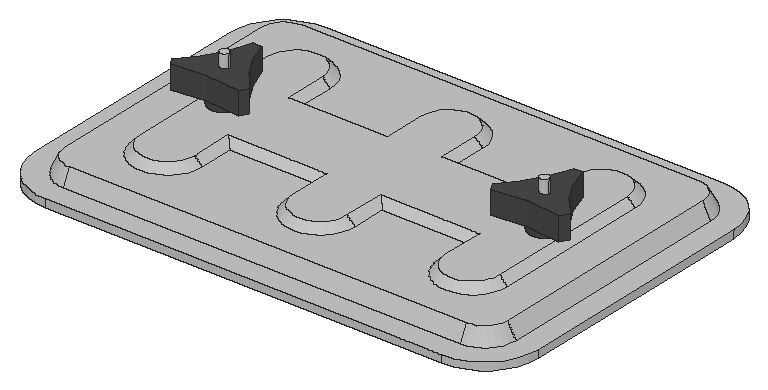
Revit family
Parameters (values of type "300*200")
  URL = "http://www.productspec.net/products/30181/holyoake-industries/access-pressed-panel-app.aspx"
  Type Comments = "APP-MED"
  Specification [instance] = "http://www.productspec.net/nas/TechnicalFiles/2367/p30181/K11-K12%20ADC%20DUCTMATE%20MALCO.pdf"
  Panel = Galvanised Steel - Holyoake
  Overall Width = 230.0 mm
  Overall Length = 330.0 mm
  Offset = 45.0 mm
  Nominal Width = 200.0 mm
  Nominal Length = 300.0 mm
  Model = "APP"  # constant formula
  Manufacturer = "Holyoake Industries Ltd"  # constant formula
  Handle = Plastic - Holyoake
  Features [instance] = "No frame to install and seal; Smooth interior finish to reduce friction. Fully insulated with high density fibreglass; Completely airtight; Inexpensive and easy to use."  # constant formula
  Description = "A pressed steel access panel."  # constant formula
  Created By = "Productspec Ltd"  # constant formula
  Author = "Zinder Zhao"  # constant formula
Types (4, lengths in mm): name | Type Comments | Overall Width | Overall Length | Offset | Nominal Width | Nominal Length
  (no name) | "APP-MED" | 230.0 | 330.0 | 45.0 | 200.0 | 300.0
  300*200 | "APP-MED" | 230.0 | 330.0 | 45.0 | 200.0 | 300.0
  250*150 | "APP-SML" | 180.0 | 280.0 | 35.0 | 150.0 | 250.0
  450*350 | "APP-LGE" | 380.0 | 480.0 | 80.0 | 350.0 | 450.0
Reference planes
  plane 1 "Center (Front/Back)": y = 0
  plane 2: z = 0
  plane 3 "Center (Left/Right)": x = 0
  plane 4: x = -165
  plane 5: x = 165
  plane 6: y = 115
  plane 7: y = -115
  plane 8: x = -150
  plane 9: x = 150
  plane 10: y = -100
  plane 11: y = 100
  plane 12 "a": z = 5
  plane 13: x = -105
  plane 14: x = 105
  plane 15 "b": z = 15
  plane 16 "c": z = 27
Forms (mm)
  Extrusion 1, solid, material "Galvanised Steel - Holyoake" <- "Panel"
    sketch origin (0, 0, 0) x (1, 0, 0) y (0, 1, 0)
      loop
        arc (-130, 115) -> (-154.749, 104.749) -> (-165, 80) r 35
        line (-165, 80) -> (-165, -80)
        arc (-165, -80) -> (-154.749, -104.749) -> (-130, -115) r 35
        line (-130, -115) -> (130, -115)
        arc (130, -115) -> (154.749, -104.749) -> (165, -80) r 35
        line (165, -80) -> (165, 80)
        arc (165, 80) -> (154.749, 104.749) -> (130, 115) r 35
        line (130, 115) -> (-130, 115)
    from 0 to 5
  Extrusion 2, solid, material "Galvanised Steel - Holyoake", detail levels medium+fine
    sketch origin (0, 0, 5) x (-1, 0, 0) y (0, -1, 0)
      loop
        circle (105, 0) r 3
      loop
        circle (-105, 0) r 3
    from 0 to 45
  Blend 3, solid, material "Galvanised Steel - Holyoake" <- "Panel"
    base sketch origin (0, 0, 5) x (-1, 0, 0) y (0, -1, 0)
      loop
        arc (130, -100) -> (144.142, -94.142) -> (150, -80) r 20
        line (150, -80) -> (150, 80)
        arc (150, 80) -> (144.142, 94.142) -> (130, 100) r 20
        line (130, 100) -> (-130, 100)
        arc (-130, 100) -> (-144.142, 94.142) -> (-150, 80) r 20
        line (-150, 80) -> (-150, -80)
        arc (-150, -80) -> (-144.142, -94.142) -> (-130, -100) r 20
        line (-130, -100) -> (130, -100)
    top sketch origin (0, 0, 5) x (-1, 0, 0) y (0, -1, 0)
      loop
        arc (130, -95) -> (140.607, -90.607) -> (145, -80) r 15
        line (145, -80) -> (145, 80)
        arc (145, 80) -> (140.607, 90.607) -> (130, 95) r 15
        line (130, 95) -> (-130, 95)
        arc (-130, 95) -> (-140.607, 90.607) -> (-145, 80) r 15
        line (-145, 80) -> (-145, -80)
        arc (-145, -80) -> (-140.607, -90.607) -> (-130, -95) r 15
        line (-130, -95) -> (130, -95)
    from 0 to 10
Cuts and joins
  joined: Extrusion 1, Blend 3
Dimensions and locks
  equal spacing: plane 4, plane 3 "Center (Left/Right)", plane 5
  "Overall Length": plane 4 to plane 5
  "Nominal Length": plane 8 to plane 9
  equal spacing: plane 7, plane 1 "Center (Front/Back)", plane 6
  "Overall Width": plane 7 to plane 6
  "Nominal Width": plane 10 to plane 11
  equal spacing: plane 8, plane 3 "Center (Left/Right)", plane 9
  equal spacing: plane 10, plane 1 "Center (Front/Back)", plane 11
  locked: plane 8 to plane 13 at 45
  locked: plane 14 to plane 9 at 45
  plane 12 "a" to plane 2 = 5.0 mm
  plane 16 "c" to plane 15 "b" to plane 12 "a" = 12.0 mm locked, 10.0 mm locked
  radius of Extrusion 1 sketch curve = 35.0 mm  (x4)
  radius of Blend 3 sketch curve = 20.0 mm  (x4)
  aligned and locked: plane 6 to Extrusion 1 sketch curve
  aligned and locked: Extrusion 1 sketch curve to plane 5
  aligned and locked: plane 4 to Extrusion 1 sketch curve
  aligned and locked: Extrusion 1 sketch curve to plane 7
  aligned and locked: plane 13 to nested 1
  aligned and locked: plane 1 "Center (Front/Back)" to nested 1
  aligned and locked: plane 14 to nested 2
  aligned and locked: plane 1 "Center (Front/Back)" to nested 2
  aligned and locked: plane 11 to Blend 3 sketch curve
  aligned and locked: Blend 3 sketch curve to plane 9
  aligned and locked: Blend 3 sketch curve to plane 10
  aligned and locked: plane 8 to Blend 3 sketch curve
  aligned and locked: nested 3 to plane 15 "b"
Automatic sketch dimensions
  Extrusion 2 sketch curve to plane 1 "Center (Front/Back)" = 0.0 mm  (x2)
  Extrusion 2 sketch curve to plane 14 = 0.0 mm
  Extrusion 2 sketch curve to plane 13 = 0.0 mm
  Blend 3 sketch curve to plane 9 = 5.0 mm
  Blend 3 sketch curve to Blend 3 sketch curve = 15.0 mm
  Blend 3 sketch curve to plane 10 = 5.0 mm
  Blend 3 sketch curve to plane 9 = 20.0 mm
  plane 8 to Blend 3 sketch curve = 20.0 mm  (x2)
  plane 11 to Blend 3 sketch curve = 5.0 mm
  plane 8 to Blend 3 sketch curve = 5.0 mm
  radius of Extrusion 2 sketch curve = 3.0 mm  (x2)
Nested families
  nested 1: "Holyoake_AccessPressedPanel_APP_Handle" at (-105, 0, 0), type "Holyoake_AccessPressedPanel_APP_Handle"
  nested 2: "Holyoake_AccessPressedPanel_APP_Handle" at (105, 0, 0), type "Holyoake_AccessPressedPanel_APP_Handle"
  nested 3: "Holyoake_AccessPressedPanel_APP_Groove" at (0, 0, 15), Panel <- "Panel", type "APP_Groove"
    with Panel Galvanised Steel - Holyoake
Definition of nested family "Holyoake_AccessPressedPanel_APP_Handle"
  Parameters
    Handel = Plastic - Holyoake
  Reference planes
    plane 1 "Center (Front/Back)": y = 0
    plane 2: z = 0
    plane 3 "Center (Left/Right)": x = 0
    plane 4: y = 27.424
    plane 5: y = -16.136
    plane 6: x = -25
    plane 7: x = 25
  Forms (mm)
    Extrusion 1, solid, material "Plastic - Holyoake" <- "Handel", detail levels medium+fine
      sketch origin (105, 0, 15) x (-1, 0, 0) y (0, -1, 0)
        loop
          circle (105, 0) r 10
      from 0 to 12
    Extrusion 2, solid, material "Plastic - Holyoake" <- "Handel", detail levels medium+fine
      sketch origin (105, 0, 27) x (-1, 0, 0) y (0, -1, 0)
        loop
          line (102, -27.424) -> (108, -27.424)
          arc (108, -27.424) -> (116.636, -6.718) -> (130.25, 11.114) r 87.579
          line (130.25, 11.114) -> (127.351, 16.136)
          arc (127.351, 16.136) -> (105, 13.958) -> (82.649, 16.136) r 115.767
          line (82.649, 16.136) -> (79.75, 11.114)
          arc (79.75, 11.114) -> (93.364, -6.718) -> (102, -27.424) r 87.579
      from 0 to 15
  Cuts and joins
    joined: Extrusion 1, Extrusion 2
  Dimensions and locks
    plane 6 to plane 7 = 50.0 mm
    plane 5 to plane 4 = 43.56 mm
Definition of nested family "Holyoake_AccessPressedPanel_APP_Groove"
  Parameters (values of type "APP_Groove")
    Radius B = Radius - 5.0 mm  # 17.5 mm
    Radius = Offset / 2  # 22.5 mm
    Offset = 45.0 mm
    Width = Nominal Width - 50.0 mm  # 150.0 mm
    Type Comments = "Access Pressed Panel"  # constant formula
    Panel [instance] = none
    Nominal Width = 200.0 mm
    Nominal Length = 300.0 mm
    Model = "APP"  # constant formula
    Manufacturer = "Holyoake Industries Ltd"  # constant formula
    Length = Nominal Length - 55.0 mm  # 245.0 mm
  Reference planes
    plane 1 "Center (Front/Back)": y = 0
    plane 2: z = 0
    plane 3 "Center (Left/Right)": x = 0
    plane 4: x = 150
    plane 5: x = -150
    plane 6: y = 100
    plane 7: y = -100
    plane 8: x = -122.5
    plane 9: x = 122.5
    plane 10: y = -75
    plane 11: y = 75
    plane 12: y = -30
    plane 13: y = 30
    plane 14: x = -77.5
    plane 15: x = 77.5
    plane 16: x = -22.5
    plane 17: x = 22.5
    plane 18: y = 52.5
    plane 19: y = -52.5
    plane 20: y = 52.5
    plane 21: y = -52.5
  Forms (mm)
    Blend 1, solid, material <- "Panel", detail levels fine
      base sketch origin (0, 0, 0) x (1, 0, 0) y (0, 1, 0)
        loop
          arc (-122.5, -52.5) -> (-100, -75) -> (-77.5, -52.5) r 22.5
          line (-77.5, -52.5) -> (-77.5, -30) -> (-22.5, -30) -> (-22.5, -52.5)
          arc (-22.5, -52.5) -> (0, -75) -> (22.5, -52.5) r 22.5
          line (22.5, -52.5) -> (22.5, -30) -> (77.5, -30) -> (77.5, -52.5)
          arc (77.5, -52.5) -> (100, -75) -> (122.5, -52.5) r 22.5
          line (122.5, -52.5) -> (122.5, 52.5)
          arc (122.5, 52.5) -> (100, 75) -> (77.5, 52.5) r 22.5
          line (77.5, 52.5) -> (77.5, 30) -> (22.5, 30) -> (22.5, 52.5)
          arc (22.5, 52.5) -> (0, 75) -> (-22.5, 52.5) r 22.5
          line (-22.5, 52.5) -> (-22.5, 30) -> (-77.5, 30) -> (-77.5, 52.5)
          arc (-77.5, 52.5) -> (-100, 75) -> (-122.5, 52.5) r 22.5
          line (-122.5, 52.5) -> (-122.5, -52.5)
      top sketch origin (0, 0, 0) x (1, 0, 0) y (0, 1, 0)
        loop
          line (-117.5, 52.5) -> (-117.5, -52.5)
          arc (-117.5, -52.5) -> (-100, -70) -> (-82.5, -52.5) r 17.5
          line (-82.5, -52.5) -> (-82.5, -25) -> (-17.5, -25) -> (-17.5, -52.5)
          arc (-17.5, -52.5) -> (0, -70) -> (17.5, -52.5) r 17.5
          line (17.5, -52.5) -> (17.5, -25) -> (82.5, -25) -> (82.5, -52.5)
          arc (82.5, -52.5) -> (100, -70) -> (117.5, -52.5) r 17.5
          line (117.5, -52.5) -> (117.5, 52.5)
          arc (117.5, 52.5) -> (100, 70) -> (82.5, 52.5) r 17.5
          line (82.5, 52.5) -> (82.5, 25) -> (17.5, 25) -> (17.5, 52.5)
          arc (17.5, 52.5) -> (0, 70) -> (-17.5, 52.5) r 17.5
          line (-17.5, 52.5) -> (-17.5, 25) -> (-82.5, 25) -> (-82.5, 52.5)
          arc (-82.5, 52.5) -> (-100, 70) -> (-117.5, 52.5) r 17.5
      from 0 to 5
  Dimensions and locks
    "Nominal Length": plane 5 to plane 4
    equal spacing: plane 5, plane 3 "Center (Left/Right)", plane 4
    equal spacing: plane 7, plane 1 "Center (Front/Back)", plane 6
    "Nominal Width": plane 7 to plane 6
    equal spacing: plane 8, plane 3 "Center (Left/Right)", plane 9
    "Length": plane 8 to plane 9
    equal spacing: plane 10, plane 1 "Center (Front/Back)", plane 11
    "Width": plane 10 to plane 11
    locked: plane 8 to Blend 1 sketch curve at 5
    locked: Blend 1 sketch curve to plane 14 at 5  (x2)
    locked: plane 16 to Blend 1 sketch curve at 5  (x2)
    locked: Blend 1 sketch curve to plane 17 at 5  (x2)
    locked: plane 15 to Blend 1 sketch curve at 5  (x2)
    locked: Blend 1 sketch curve to plane 9 at 5
    locked: Blend 1 sketch curve to plane 13 at 5  (x2)
    locked: plane 12 to Blend 1 sketch curve at 5  (x2)
    "Offset": plane 13 to plane 11
    "Offset": plane 10 to plane 12
    "Offset": plane 8 to plane 14
    "Offset": plane 15 to plane 9
    equal spacing: plane 16, plane 3 "Center (Left/Right)", plane 17
    "Offset": plane 16 to plane 17
    "Radius": plane 11 to plane 18
    "Radius": plane 19 to plane 10
    "Radius": plane 11 to plane 20
    "Radius": plane 21 to plane 10
    "Radius": radius of Blend 1 sketch curve  (x6)
    "Radius B": radius of Blend 1 sketch curve  (x6)
    aligned and locked: plane 8 to Blend 1 sketch curve
    aligned and locked: Blend 1 sketch curve to plane 14
    aligned and locked: plane 16 to Blend 1 sketch curve  (x2)
    aligned and locked: Blend 1 sketch curve to plane 17  (x2)
    aligned and locked: plane 15 to Blend 1 sketch curve  (x2)
    aligned and locked: Blend 1 sketch curve to plane 9
    aligned and locked: plane 13 to Blend 1 sketch curve  (x2)
    aligned and locked: Blend 1 sketch curve to plane 12  (x2)
    aligned and locked: plane 19 to Blend 1 sketch curve  (x6)
    aligned and locked: plane 18 to Blend 1 sketch curve  (x6)
    aligned and locked: plane 20 to Blend 1 sketch curve  (x3)
    aligned and locked: plane 21 to Blend 1 sketch curve  (x3)
